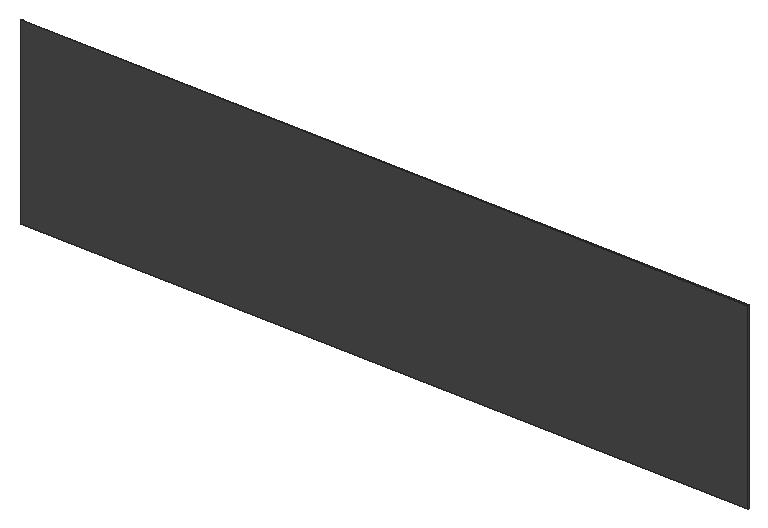
Revit family "Pantalla Modelo GL", category Luminarias, Revit 2019
Family settings
  Cota de conector redondo = Diámetro de uso
  Tipo de pieza = Normal
  Se basa en plano de trabajo = Sí
  Siempre vertical = No
  Corte con vacíos al cargar = No
  Origen de luz = No
  Compartido = No
  Punto de cálculo de habitación = No
Parameters (values of type "Pantalla Modelo GL_GL40150W.1")
  Zone [instance] = ""
  Watt per fixture = 150
  Keynote = ""
  Modulo largo = 1600 mm
  Modulo alto = 400 mm
  Modelo = "GL40150W.1"
  Lamp = ""
  Fabricante = "BRILLANT"
  Espesor = 1 mm
  Default Elevation = 0 mm
  Descripción = "PANTALLA MODELO GL40, PIXEL PITCH 40MM, RESOLUCION DEL PANEL 40X10 DOTS, CANTIDAD POR PANEL DE LED 400 DOTS, CONFIGURACION DE PIXEL 3R2G2B, BRILLO 5000-6000NITS, ACTUALIZACION 16BIT, ESCALA DE GRISES 256 NIVELES, AJUSTE DE BRILLO 1000:1, CONTRASTE 400X1600MM, DIMENSION DEL PANEL 400X1600MM, PANEL 0.64M2, PESO DEL PANEL 8KG, CONSUMO DE ENERGIA 150W, ANGULO DE VISUALIZACION 120/160 GRADOS, DISTANCIA DE VISUALIZACION A 40M, TRANSPARENCIA 71%, PUNTO DE CONTROL <0.0002, DURACION DE LAS LUCES (50% BRILLO) >50,000 HORAS, TEMPERATURA DE OPERACIÓN -30C +40C, HUMEDAD RELATIVA 10%-90%, IP 65, VOLTAJE AC 100-240V/50-60Hz, MODO DE ENTRADA EN CORRIENTE CONSTANTE, SISTEMA OPERATIVO WINDOWS 2000/XP/VISTA/WINDOWS 7, TIPO DE SEÑAL AV/S-VIDEO/VGA/CVBS/HDMI/DVI/SDI, CONTROL DE DISTANCIA HSYV <100M."
  Comentarios de vataje = "100-240V"
  Circuit [instance] = ""
Types (2, lengths in mm): name | Watt per fixture | Modelo | Descripción
  Pantalla Modelo GL_GL30130W.1 | 130 | "GL30130W.1" | "PANTALLA MODELO GL30, PIXEL PITCH 30MM, RESOLUCION DEL PANEL 52X13 DOTS, CANTIDAD POR PANEL DE LED 676 DOTS, CONFIGURACION DE PIXEL 2R1G1B, BRILLO 5000-6000NITS, ACTUALIZACION 16BIT, ESCALA DE GRISES 256 NIVELES, AJUSTE DE BRILLO 1000:1, CONTRASTE 400X1600MM, DIMENSION DEL PANEL 400X1600MM, PANEL 0.64M2, PESO DEL PANEL 10KG, CONSUMO DE ENERGIA 130W, ANGULO DE VISUALIZACION 120/160 GRADOS, DISTANCIA DE VISUALIZACION A 30M, TRANSPARENCIA 63%, PUNTO DE CONTROL <0.0002, DURACION DE LAS LUCES (50% BRILLO) >50,000 HORAS, TEMPERATURA DE OPERACIÓN -30C +40C, HUMEDAD RELATIVA 10%-90%, IP 65, VOLTAJE AC 100-240V/50-60Hz, MODO DE ENTRADA EN CORRIENTE CONSTANTE, SISTEMA OPERATIVO WINDOWS 2000/XP/VISTA/WINDOWS 7, TIPO DE SEÑAL AV/S-VIDEO/VGA/CVBS/HDMI/DVI/SDI, CONTROL DE DISTANCIA HSYV <100M."
  Pantalla Modelo GL_GL40150W.1 | 150 | "GL40150W.1" | "PANTALLA MODELO GL40, PIXEL PITCH 40MM, RESOLUCION DEL PANEL 40X10 DOTS, CANTIDAD POR PANEL DE LED 400 DOTS, CONFIGURACION DE PIXEL 3R2G2B, BRILLO 5000-6000NITS, ACTUALIZACION 16BIT, ESCALA DE GRISES 256 NIVELES, AJUSTE DE BRILLO 1000:1, CONTRASTE 400X1600MM, DIMENSION DEL PANEL 400X1600MM, PANEL 0.64M2, PESO DEL PANEL 8KG, CONSUMO DE ENERGIA 150W, ANGULO DE VISUALIZACION 120/160 GRADOS, DISTANCIA DE VISUALIZACION A 40M, TRANSPARENCIA 71%, PUNTO DE CONTROL <0.0002, DURACION DE LAS LUCES (50% BRILLO) >50,000 HORAS, TEMPERATURA DE OPERACIÓN -30C +40C, HUMEDAD RELATIVA 10%-90%, IP 65, VOLTAJE AC 100-240V/50-60Hz, MODO DE ENTRADA EN CORRIENTE CONSTANTE, SISTEMA OPERATIVO WINDOWS 2000/XP/VISTA/WINDOWS 7, TIPO DE SEÑAL AV/S-VIDEO/VGA/CVBS/HDMI/DVI/SDI, CONTROL DE DISTANCIA HSYV <100M."
Reference planes
  plane 1 "Centro (Frontal/Posterior)": y = 0
  plane 2: z = 0
  plane 3 "Centro (Izquierda/Derecha)": x = 0
  plane 4: z = -400
  plane 5: x = -800
  plane 6: x = 800
  plane 7: y = 1
Forms (mm)
  Extrusion 1, solid, material "Plastico"
    sketch origin (0, 0, 0) x (1, 0, 0) y (0, 1, 0)
      loop
        line (-800, 0) -> (800, 0) -> (800, 1) -> (-800, 1) -> (-800, 0)
    from 0 to -400
  Revolve 2, solid, material "Cristal", not visible
    sketch origin (-152, 0, 0) x (0, 1, 0) y (0, 0, -1)
      loop
        line (0, -8.749) -> (0, -7.25) -> (-1.499, -7.25)
        arc (-1.499, -7.25) -> (-1.06, -8.31) -> (0, -8.749) r 1.499
      axis (0, -7.25) -> (-1.499, -7.25)
    angle from 0 to 360
  Revolve 3, solid, material "Cristal", not visible
    sketch origin (-136, 0, 0) x (0, 1, 0) y (0, 0, -1)
      loop
        line (0, -8.749) -> (0, -7.25) -> (-1.499, -7.25)
        arc (-1.499, -7.25) -> (-1.06, -8.31) -> (0, -8.749) r 1.499
      axis (0, -7.25) -> (-1.499, -7.25)
    angle from 0 to 360
  Revolve 4, solid, material "Cristal", not visible
    sketch origin (-120, 0, 0) x (0, 1, 0) y (0, 0, -1)
      loop
        line (0, -8.749) -> (0, -7.25) -> (-1.499, -7.25)
        arc (-1.499, -7.25) -> (-1.06, -8.31) -> (0, -8.749) r 1.499
      axis (0, -7.25) -> (-1.499, -7.25)
    angle from 0 to 360
  Revolve 5, solid, material "Cristal", not visible
    sketch origin (-104, 0, 0) x (0, 1, 0) y (0, 0, -1)
      loop
        line (0, -8.749) -> (0, -7.25) -> (-1.499, -7.25)
        arc (-1.499, -7.25) -> (-1.06, -8.31) -> (0, -8.749) r 1.499
      axis (0, -7.25) -> (-1.499, -7.25)
    angle from 0 to 360
  Revolve 6, solid, material "Cristal", not visible
    sketch origin (-88, 0, 0) x (0, 1, 0) y (0, 0, -1)
      loop
        line (0, -8.749) -> (0, -7.25) -> (-1.499, -7.25)
        arc (-1.499, -7.25) -> (-1.06, -8.31) -> (0, -8.749) r 1.499
      axis (0, -7.25) -> (-1.499, -7.25)
    angle from 0 to 360
  Revolve 7, solid, material "Cristal", not visible
    sketch origin (-72, 0, 0) x (0, 1, 0) y (0, 0, -1)
      loop
        line (0, -8.749) -> (0, -7.25) -> (-1.499, -7.25)
        arc (-1.499, -7.25) -> (-1.06, -8.31) -> (0, -8.749) r 1.499
      axis (0, -7.25) -> (-1.499, -7.25)
    angle from 0 to 360
  Revolve 8, solid, material "Cristal", not visible
    sketch origin (-56, 0, 0) x (0, 1, 0) y (0, 0, -1)
      loop
        line (0, -8.749) -> (0, -7.25) -> (-1.499, -7.25)
        arc (-1.499, -7.25) -> (-1.06, -8.31) -> (0, -8.749) r 1.499
      axis (0, -7.25) -> (-1.499, -7.25)
    angle from 0 to 360
  Revolve 9, solid, material "Cristal", not visible
    sketch origin (-40, 0, 0) x (0, 1, 0) y (0, 0, -1)
      loop
        line (0, -8.749) -> (0, -7.25) -> (-1.499, -7.25)
        arc (-1.499, -7.25) -> (-1.06, -8.31) -> (0, -8.749) r 1.499
      axis (0, -7.25) -> (-1.499, -7.25)
    angle from 0 to 360
  Revolve 10, solid, material "Cristal", not visible
    sketch origin (-24, 0, 0) x (0, 1, 0) y (0, 0, -1)
      loop
        line (0, -8.749) -> (0, -7.25) -> (-1.499, -7.25)
        arc (-1.499, -7.25) -> (-1.06, -8.31) -> (0, -8.749) r 1.499
      axis (0, -7.25) -> (-1.499, -7.25)
    angle from 0 to 360
  Revolve 11, solid, material "Cristal", not visible
    sketch origin (-8, 0, 0) x (0, 1, 0) y (0, 0, -1)
      loop
        line (0, -8.749) -> (0, -7.25) -> (-1.499, -7.25)
        arc (-1.499, -7.25) -> (-1.06, -8.31) -> (0, -8.749) r 1.499
      axis (0, -7.25) -> (-1.499, -7.25)
    angle from 0 to 360
  Revolve 12, solid, material "Cristal", not visible
    sketch origin (8, 0, 0) x (0, 1, 0) y (0, 0, -1)
      loop
        line (0, -8.749) -> (0, -7.25) -> (-1.499, -7.25)
        arc (-1.499, -7.25) -> (-1.06, -8.31) -> (0, -8.749) r 1.499
      axis (0, -7.25) -> (-1.499, -7.25)
    angle from 0 to 360
  Revolve 13, solid, material "Cristal", not visible
    sketch origin (24, 0, 0) x (0, 1, 0) y (0, 0, -1)
      loop
        line (0, -8.749) -> (0, -7.25) -> (-1.499, -7.25)
        arc (-1.499, -7.25) -> (-1.06, -8.31) -> (0, -8.749) r 1.499
      axis (0, -7.25) -> (-1.499, -7.25)
    angle from 0 to 360
  Revolve 14, solid, material "Cristal", not visible
    sketch origin (40, 0, 0) x (0, 1, 0) y (0, 0, -1)
      loop
        line (0, -8.749) -> (0, -7.25) -> (-1.499, -7.25)
        arc (-1.499, -7.25) -> (-1.06, -8.31) -> (0, -8.749) r 1.499
      axis (0, -7.25) -> (-1.499, -7.25)
    angle from 0 to 360
  Revolve 15, solid, material "Cristal", not visible
    sketch origin (56, 0, 0) x (0, 1, 0) y (0, 0, -1)
      loop
        line (0, -8.749) -> (0, -7.25) -> (-1.499, -7.25)
        arc (-1.499, -7.25) -> (-1.06, -8.31) -> (0, -8.749) r 1.499
      axis (0, -7.25) -> (-1.499, -7.25)
    angle from 0 to 360
  Revolve 16, solid, material "Cristal", not visible
    sketch origin (72, 0, 0) x (0, 1, 0) y (0, 0, -1)
      loop
        line (0, -8.749) -> (0, -7.25) -> (-1.499, -7.25)
        arc (-1.499, -7.25) -> (-1.06, -8.31) -> (0, -8.749) r 1.499
      axis (0, -7.25) -> (-1.499, -7.25)
    angle from 0 to 360
  Revolve 17, solid, material "Cristal", not visible
    sketch origin (88, 0, 0) x (0, 1, 0) y (0, 0, -1)
      loop
        line (0, -8.749) -> (0, -7.25) -> (-1.499, -7.25)
        arc (-1.499, -7.25) -> (-1.06, -8.31) -> (0, -8.749) r 1.499
      axis (0, -7.25) -> (-1.499, -7.25)
    angle from 0 to 360
  Revolve 18, solid, material "Cristal", not visible
    sketch origin (104, 0, 0) x (0, 1, 0) y (0, 0, -1)
      loop
        line (0, -8.749) -> (0, -7.25) -> (-1.499, -7.25)
        arc (-1.499, -7.25) -> (-1.06, -8.31) -> (0, -8.749) r 1.499
      axis (0, -7.25) -> (-1.499, -7.25)
    angle from 0 to 360
  Revolve 19, solid, material "Cristal", not visible
    sketch origin (120, 0, 0) x (0, 1, 0) y (0, 0, -1)
      loop
        line (0, -8.749) -> (0, -7.25) -> (-1.499, -7.25)
        arc (-1.499, -7.25) -> (-1.06, -8.31) -> (0, -8.749) r 1.499
      axis (0, -7.25) -> (-1.499, -7.25)
    angle from 0 to 360
  Revolve 20, solid, material "Cristal", not visible
    sketch origin (136, 0, 0) x (0, 1, 0) y (0, 0, -1)
      loop
        line (0, -8.749) -> (0, -7.25) -> (-1.499, -7.25)
        arc (-1.499, -7.25) -> (-1.06, -8.31) -> (0, -8.749) r 1.499
      axis (0, -7.25) -> (-1.499, -7.25)
    angle from 0 to 360
  Revolve 21, solid, material "Cristal", not visible
    sketch origin (152, 0, 0) x (0, 1, 0) y (0, 0, -1)
      loop
        line (0, -8.749) -> (0, -7.25) -> (-1.499, -7.25)
        arc (-1.499, -7.25) -> (-1.06, -8.31) -> (0, -8.749) r 1.499
      axis (0, -7.25) -> (-1.499, -7.25)
    angle from 0 to 360
Dimensions and locks
  equal spacing: plane 6, plane 3 "Centro (Izquierda/Derecha)", plane 5
  "Modulo largo": plane 6 to plane 5
  plane 3 "Centro (Izquierda/Derecha)" to plane 5 = 800 mm
  "Espesor": plane 1 "Centro (Frontal/Posterior)" to plane 7
  "Modulo alto": level to plane 4
  aligned and locked: plane 4 to Extrusion 1
  aligned and locked: plane 5 to Extrusion 1
  aligned and locked: Extrusion 1 to plane 6
  aligned and locked: Extrusion 1 to plane 7
  aligned and locked: level to plane 2
Automatic sketch dimensions
  Revolve 2 sketch curve to Revolve 2 sketch curve = 1.499 mm
  Revolve 2 sketch curve to Revolve 2 sketch curve = 3.099 mm
  Revolve 2 sketch curve to Revolve 2 sketch curve = 0 mm  (x2)
  Revolve 3 sketch curve to Revolve 3 sketch curve = 1.499 mm
  Revolve 3 sketch curve to Revolve 3 sketch curve = 3.099 mm
  Revolve 3 sketch curve to Revolve 3 sketch curve = 0 mm  (x2)
  Revolve 4 sketch curve to Revolve 4 sketch curve = 1.499 mm
  Revolve 4 sketch curve to Revolve 4 sketch curve = 3.099 mm
  Revolve 4 sketch curve to Revolve 4 sketch curve = 0 mm  (x2)
  Revolve 5 sketch curve to Revolve 5 sketch curve = 1.499 mm
  Revolve 5 sketch curve to Revolve 5 sketch curve = 3.099 mm
  Revolve 5 sketch curve to Revolve 5 sketch curve = 0 mm  (x2)
  Revolve 6 sketch curve to Revolve 6 sketch curve = 1.499 mm
  Revolve 6 sketch curve to Revolve 6 sketch curve = 3.099 mm
  Revolve 6 sketch curve to Revolve 6 sketch curve = 0 mm  (x2)
  Revolve 7 sketch curve to Revolve 7 sketch curve = 1.499 mm
  Revolve 7 sketch curve to Revolve 7 sketch curve = 3.099 mm
  Revolve 7 sketch curve to Revolve 7 sketch curve = 0 mm  (x2)
  Revolve 8 sketch curve to Revolve 8 sketch curve = 1.499 mm
  Revolve 8 sketch curve to Revolve 8 sketch curve = 3.099 mm
  Revolve 8 sketch curve to Revolve 8 sketch curve = 0 mm  (x2)
  Revolve 9 sketch curve to Revolve 9 sketch curve = 1.499 mm
  Revolve 9 sketch curve to Revolve 9 sketch curve = 3.099 mm
  Revolve 9 sketch curve to Revolve 9 sketch curve = 0 mm  (x2)
  Revolve 10 sketch curve to Revolve 10 sketch curve = 1.499 mm
  Revolve 10 sketch curve to Revolve 10 sketch curve = 3.099 mm
  Revolve 10 sketch curve to Revolve 10 sketch curve = 0 mm  (x2)
  Revolve 11 sketch curve to Revolve 11 sketch curve = 1.499 mm
  Revolve 11 sketch curve to Revolve 11 sketch curve = 3.099 mm
  Revolve 11 sketch curve to Revolve 11 sketch curve = 0 mm  (x2)
  Revolve 12 sketch curve to Revolve 12 sketch curve = 1.499 mm
  Revolve 12 sketch curve to Revolve 12 sketch curve = 3.099 mm
  Revolve 12 sketch curve to Revolve 12 sketch curve = 0 mm  (x2)
  Revolve 13 sketch curve to Revolve 13 sketch curve = 1.499 mm
  Revolve 13 sketch curve to Revolve 13 sketch curve = 3.099 mm
  Revolve 13 sketch curve to Revolve 13 sketch curve = 0 mm  (x2)
  Revolve 14 sketch curve to Revolve 14 sketch curve = 1.499 mm
  Revolve 14 sketch curve to Revolve 14 sketch curve = 3.099 mm
  Revolve 14 sketch curve to Revolve 14 sketch curve = 0 mm  (x2)
  Revolve 15 sketch curve to Revolve 15 sketch curve = 1.499 mm
  Revolve 15 sketch curve to Revolve 15 sketch curve = 3.099 mm
  Revolve 15 sketch curve to Revolve 15 sketch curve = 0 mm  (x2)
  Revolve 16 sketch curve to Revolve 16 sketch curve = 1.499 mm
  Revolve 16 sketch curve to Revolve 16 sketch curve = 3.099 mm
  Revolve 16 sketch curve to Revolve 16 sketch curve = 0 mm  (x2)
  Revolve 17 sketch curve to Revolve 17 sketch curve = 1.499 mm
  Revolve 17 sketch curve to Revolve 17 sketch curve = 3.099 mm
  Revolve 17 sketch curve to Revolve 17 sketch curve = 0 mm  (x2)
  Revolve 18 sketch curve to Revolve 18 sketch curve = 1.499 mm
  Revolve 18 sketch curve to Revolve 18 sketch curve = 3.099 mm
  Revolve 18 sketch curve to Revolve 18 sketch curve = 0 mm  (x2)
  Revolve 19 sketch curve to Revolve 19 sketch curve = 1.499 mm
  Revolve 19 sketch curve to Revolve 19 sketch curve = 3.099 mm
  Revolve 19 sketch curve to Revolve 19 sketch curve = 0 mm  (x2)
  Revolve 20 sketch curve to Revolve 20 sketch curve = 1.499 mm
  Revolve 20 sketch curve to Revolve 20 sketch curve = 3.099 mm
  Revolve 20 sketch curve to Revolve 20 sketch curve = 0 mm  (x2)
  Revolve 21 sketch curve to Revolve 21 sketch curve = 1.499 mm
  Revolve 21 sketch curve to Revolve 21 sketch curve = 3.099 mm
  Revolve 21 sketch curve to Revolve 21 sketch curve = 0 mm  (x2)
  Extrusion 1 sketch curve to plane 5 = 0 mm
  Extrusion 1 sketch curve to plane 6 = 0 mm
  plane 1 "Centro (Frontal/Posterior)" to Extrusion 1 sketch curve = 0 mm
  Extrusion 1 sketch curve to plane 7 = 0 mm
Connectors
  electrical at (0, 1, -200)
    settings: on Extrusion 1, index 1, voltage 240 V, apparent load 0 VA, apparent load phase1 0 VA, apparent load phase2 0 VA, apparent load phase3 0 VA, power factor 1, load classification "Otro", number of poles 1, system type 31, power factor state 1, is connector primary yes, connector utility no, sub classification motor no, connector description ""
